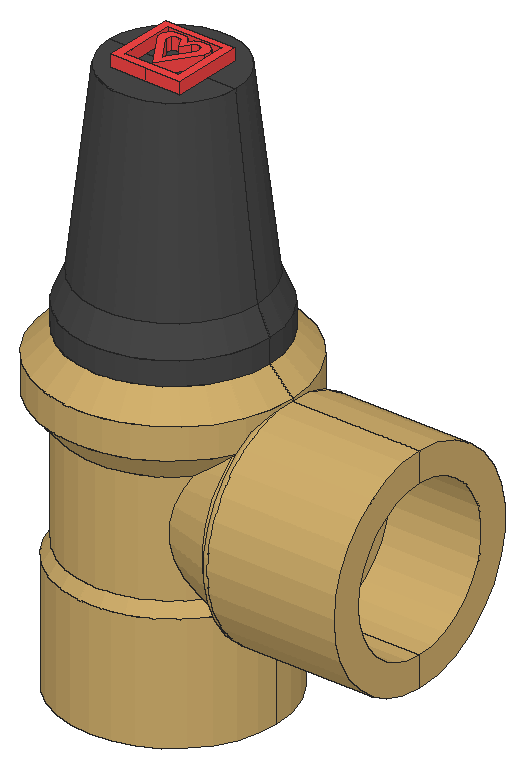
Revit family "Sicherheitsventil 26xx", category Rohrzubehör, Revit 2019
Family settings
  Bemaßung runder Anschluss = Durchmesser verwenden
  Teiletyp = Normal
  OmniClass-Nummer = 23.65.55.14
  OmniClass-Titel = Valves for Liquid Services
  Arbeitsebenenbasiert = Nein
  Immer vertikal = Ja
  Beim Laden mit Abzugskörper schneiden = Nein
  Gemeinsam genutzt = Nein
Parameters (values of type "PN8")
  min.Betriebstemp. = 0 °C  # constant formula
  max.Betriebstemp. = 110 °C  # constant formula
  interne Gewindeanschlüsse = "nach ISO 228-1"  # constant formula
  WS01 = 70.00°  # constant formula
  URL = "www.herz-armaturen.at"
  Typenschild = "Kunststoff PA6"  # constant formula
  SCRNSEQ = "AWI;AWI_TYP=\"1015\";2"
  SCRNCODE = "05;21;02"  # constant formula
  S03 = 10.5000 mm  # constant formula
  S02 [instance] = H02 + H05  # 47.5000 mm
  S01 = 8.0000 mm  # constant formula
  R11 = 1.0000 mm  # constant formula
  R10 [instance] = (Nennweite Aus / 2) + 3.8000 mm  # 13.8000 mm
  R09 [instance] = Nennweite Aus / 2  # 10.0000 mm
  R08 [instance] = (Nennweite / 2) + 3.5000 mm  # 11.0000 mm
  R07 [instance] = R08 - 2.8000 mm  # 8.2000 mm
  R06 [instance] = Nennweite / 2  # 7.5000 mm
  R05 [instance] = Nennweite / 2  # 7.5000 mm
  R04 [instance] = if(PN1.8, size_lookup("26XX_PN1.8", "SW", 40.0000 mm, Nennweite), if(PN2.5, size_lookup("26XX_PN2.5", "SW", 40.0000 mm, Nennweite), if(PN3, size_lookup("26XX_PN3", "SW", 40.0000 mm, Nennweite), if(PN4, size_lookup("26XX_PN4", "SW", 40.0000 mm, Nennweite), if(PN5, size_lookup("26XX_PN5", "SW", 40.0000 mm, Nennweite), if(PN6, size_lookup("26XX_PN6", "SW", 40.0000 mm, Nennweite), if(PN8, size_lookup("26XX_PN8", "SW", 40.0000 mm, Nennweite), size_lookup("26XX_PN10", "SW", 269501.0000 mm, Nennweite))))))))  # 13.5000 mm
  R03 [instance] = (Nennweite / 2) + 5.0000 mm  # 12.5000 mm
  R02 [instance] = R04 + 2.0000 mm  # 15.5000 mm
  PN8 = yes
  PN6 = no
  PN5 = no
  PN4 = no
  PN3 = no
  PN2.5 = no
  PN10 = no
  PN1.8 = no
  Nennweite Aus [instance] = if(PN1.8, size_lookup("26XX_PN1.8", "DN1", 40.0000 mm, Nennweite), if(PN2.5, size_lookup("26XX_PN2.5", "DN1", 40.0000 mm, Nennweite), if(PN3, size_lookup("26XX_PN3", "DN1", 40.0000 mm, Nennweite), if(PN4, size_lookup("26XX_PN4", "DN1", 40.0000 mm, Nennweite), if(PN5, size_lookup("26XX_PN5", "DN1", 40.0000 mm, Nennweite), if(PN6, size_lookup("26XX_PN6", "DN1", 40.0000 mm, Nennweite), if(PN8, size_lookup("26XX_PN8", "DN1", 40.0000 mm, Nennweite), size_lookup("26XX_PN10", "DN1", 269501.0000 mm, Nennweite))))))))  # 20.0000 mm
  Nennweite [instance] = 15.0000 mm
  Membran = "VMQ-Silicom 50 Sha"  # constant formula
  L02 [instance] = if(PN1.8, size_lookup("26XX_PN1.8", "L2", 17.5000 mm, Nennweite), if(PN2.5, size_lookup("26XX_PN2.5", "L2", 17.5000 mm, Nennweite), if(PN3, size_lookup("26XX_PN3", "L2", 17.5000 mm, Nennweite), if(PN4, size_lookup("26XX_PN4", "L2", 17.5000 mm, Nennweite), if(PN5, size_lookup("26XX_PN5", "L2", 17.5000 mm, Nennweite), if(PN6, size_lookup("26XX_PN6", "L2", 17.5000 mm, Nennweite), if(PN8, size_lookup("26XX_PN8", "L2", 17.5000 mm, Nennweite), size_lookup("26XX_PN10", "L2", 269501.0000 mm, Nennweite))))))))  # 17.5000 mm
  L01 [instance] = if(PN1.8, size_lookup("26XX_PN1.8", "L1", 12.0000 mm, Nennweite), if(PN2.5, size_lookup("26XX_PN2.5", "L1", 12.0000 mm, Nennweite), if(PN3, size_lookup("26XX_PN3", "L1", 12.0000 mm, Nennweite), if(PN4, size_lookup("26XX_PN4", "L1", 12.0000 mm, Nennweite), if(PN5, size_lookup("26XX_PN5", "L1", 12.0000 mm, Nennweite), if(PN6, size_lookup("26XX_PN6", "L1", 12.0000 mm, Nennweite), if(PN8, size_lookup("26XX_PN8", "L1", 12.0000 mm, Nennweite), size_lookup("26XX_PN10", "L1", 269501.0000 mm, Nennweite))))))))  # 12.0000 mm
  L00 [instance] = if(PN1.8, size_lookup("26XX_PN1.8", "L", 52.0000 mm, Nennweite), if(PN2.5, size_lookup("26XX_PN2.5", "L", 52.0000 mm, Nennweite), if(PN3, size_lookup("26XX_PN3", "L", 52.0000 mm, Nennweite), if(PN4, size_lookup("26XX_PN4", "L", 52.0000 mm, Nennweite), if(PN5, size_lookup("26XX_PN5", "L", 52.0000 mm, Nennweite), if(PN6, size_lookup("26XX_PN6", "L", 52.0000 mm, Nennweite), if(PN8, size_lookup("26XX_PN8", "L", 52.0000 mm, Nennweite), size_lookup("26XX_PN10", "L", 269501.0000 mm, Nennweite))))))))  # 32.0000 mm
  Kappe = "Kunststoff PA6"  # constant formula
  H08 [instance] = if(PN1.8, size_lookup("26XX_PN1.8", "H8", 21.0000 mm, Nennweite), if(PN2.5, size_lookup("26XX_PN2.5", "H8", 21.0000 mm, Nennweite), if(PN3, size_lookup("26XX_PN3", "H8", 21.0000 mm, Nennweite), if(PN4, size_lookup("26XX_PN4", "H8", 21.0000 mm, Nennweite), if(PN5, size_lookup("26XX_PN5", "H8", 21.0000 mm, Nennweite), if(PN6, size_lookup("26XX_PN6", "H8", 21.0000 mm, Nennweite), if(PN8, size_lookup("26XX_PN8", "H8", 21.0000 mm, Nennweite), size_lookup("26XX_PN10", "H8", 269501.0000 mm, Nennweite))))))))  # 6.5000 mm
  H07 [instance] = if(PN1.8, size_lookup("26XX_PN1.8", "H7", 3.0000 mm, Nennweite), if(PN2.5, size_lookup("26XX_PN2.5", "H7", 3.0000 mm, Nennweite), if(PN3, size_lookup("26XX_PN3", "H7", 3.0000 mm, Nennweite), if(PN4, size_lookup("26XX_PN4", "H7", 3.0000 mm, Nennweite), if(PN5, size_lookup("26XX_PN5", "H7", 3.0000 mm, Nennweite), if(PN6, size_lookup("26XX_PN6", "H7", 3.0000 mm, Nennweite), if(PN8, size_lookup("26XX_PN8", "H7", 3.0000 mm, Nennweite), size_lookup("26XX_PN10", "H7", 269501.0000 mm, Nennweite))))))))  # 3.0000 mm
  H06 [instance] = if(PN1.8, size_lookup("26XX_PN1.8", "H6", 15.0000 mm, Nennweite), if(PN2.5, size_lookup("26XX_PN2.5", "H6", 15.0000 mm, Nennweite), if(PN3, size_lookup("26XX_PN3", "H6", 15.0000 mm, Nennweite), if(PN4, size_lookup("26XX_PN4", "H6", 15.0000 mm, Nennweite), if(PN5, size_lookup("26XX_PN5", "H6", 15.0000 mm, Nennweite), if(PN6, size_lookup("26XX_PN6", "H6", 15.0000 mm, Nennweite), if(PN8, size_lookup("26XX_PN8", "H6", 15.0000 mm, Nennweite), size_lookup("26XX_PN10", "H6", 269501.0000 mm, Nennweite))))))))  # 15.0000 mm
  H05 [instance] = if(PN1.8, size_lookup("26XX_PN1.8", "H5", 30.0000 mm, Nennweite), if(PN2.5, size_lookup("26XX_PN2.5", "H5", 30.0000 mm, Nennweite), if(PN3, size_lookup("26XX_PN3", "H5", 30.0000 mm, Nennweite), if(PN4, size_lookup("26XX_PN4", "H5", 30.0000 mm, Nennweite), if(PN5, size_lookup("26XX_PN5", "H5", 30.0000 mm, Nennweite), if(PN6, size_lookup("26XX_PN6", "H5", 30.0000 mm, Nennweite), if(PN8, size_lookup("26XX_PN8", "H5", 30.0000 mm, Nennweite), size_lookup("26XX_PN10", "H5", 269501.0000 mm, Nennweite))))))))  # 30.5000 mm
  H04 [instance] = if(PN1.8, size_lookup("26XX_PN1.8", "H4", 12.0000 mm, Nennweite), if(PN2.5, size_lookup("26XX_PN2.5", "H4", 12.0000 mm, Nennweite), if(PN3, size_lookup("26XX_PN3", "H4", 12.0000 mm, Nennweite), if(PN4, size_lookup("26XX_PN4", "H4", 12.0000 mm, Nennweite), if(PN5, size_lookup("26XX_PN5", "H4", 12.0000 mm, Nennweite), if(PN6, size_lookup("26XX_PN6", "H4", 12.0000 mm, Nennweite), if(PN8, size_lookup("26XX_PN8", "H4", 12.0000 mm, Nennweite), size_lookup("26XX_PN10", "H4", 269501.0000 mm, Nennweite))))))))  # 12.0000 mm
  H00 [instance] = if(PN1.8, size_lookup("26XX_PN1.8", "H", 72.0000 mm, Nennweite), if(PN2.5, size_lookup("26XX_PN2.5", "H", 72.0000 mm, Nennweite), if(PN3, size_lookup("26XX_PN3", "H", 72.0000 mm, Nennweite), if(PN4, size_lookup("26XX_PN4", "H", 72.0000 mm, Nennweite), if(PN5, size_lookup("26XX_PN5", "H", 72.0000 mm, Nennweite), if(PN6, size_lookup("26XX_PN6", "H", 72.0000 mm, Nennweite), if(PN8, size_lookup("26XX_PN8", "H", 72.0000 mm, Nennweite), size_lookup("26XX_PN10", "H", 269501.0000 mm, Nennweite))))))))  # 72.0000 mm
  H03 [instance] = if(PN1.8, size_lookup("26XX_PN1.8", "H3", 4.0000 mm, Nennweite), if(PN2.5, size_lookup("26XX_PN2.5", "H3", 4.0000 mm, Nennweite), if(PN3, size_lookup("26XX_PN3", "H3", 4.0000 mm, Nennweite), if(PN4, size_lookup("26XX_PN4", "H3", 4.0000 mm, Nennweite), if(PN5, size_lookup("26XX_PN5", "H3", 4.0000 mm, Nennweite), if(PN6, size_lookup("26XX_PN6", "H3", 4.0000 mm, Nennweite), if(PN8, size_lookup("26XX_PN8", "H3", 4.0000 mm, Nennweite), size_lookup("26XX_PN10", "H3", 269501.0000 mm, Nennweite))))))))  # 4.0000 mm
  H02 [instance] = H00 - (H01 + H05)  # 17.0000 mm
  H01 [instance] = if(PN1.8, size_lookup("26XX_PN1.8", "H1", 30.0000 mm, Nennweite), if(PN2.5, size_lookup("26XX_PN2.5", "H1", 30.0000 mm, Nennweite), if(PN3, size_lookup("26XX_PN3", "H1", 30.0000 mm, Nennweite), if(PN4, size_lookup("26XX_PN4", "H1", 30.0000 mm, Nennweite), if(PN5, size_lookup("26XX_PN5", "H1", 30.0000 mm, Nennweite), if(PN6, size_lookup("26XX_PN6", "H1", 30.0000 mm, Nennweite), if(PN8, size_lookup("26XX_PN8", "H1", 30.0000 mm, Nennweite), size_lookup("26XX_PN10", "H1", 269501.0000 mm, Nennweite))))))))  # 24.5000 mm
  Hersteller = "Herz-Armaturen GmbH"  # constant formula
  Gewicht [instance] = if(PN1.8, size_lookup("26XX_PN1.8", "Gewicht", 0.19, Nennweite), if(PN2.5, size_lookup("26XX_PN2.5", "Gewicht", 0.19, Nennweite), if(PN3, size_lookup("26XX_PN3", "Gewicht", 0.19, Nennweite), if(PN4, size_lookup("26XX_PN4", "Gewicht", 0.19, Nennweite), if(PN5, size_lookup("26XX_PN5", "Gewicht", 0.19, Nennweite), if(PN6, size_lookup("26XX_PN6", "Gewicht", 0.19, Nennweite), if(PN8, size_lookup("26XX_PN8", "Gewicht", 0.19, Nennweite), size_lookup("26XX_PN10", "Gewicht", 269501, Nennweite))))))))  # 0.118
  Gehäuse = "geschmiedetes Messing nach EN 12165, CW 617N"  # constant formula
  Feder = "Federstahl W.Nr. 1.4310"  # constant formula
  DN32 [instance] = Nennweite = 32.0000 mm  # no
  DN25 [instance] = Nennweite = 25.0000 mm  # no
  DN20 [instance] = Nennweite = 20.0000 mm  # no
  DN15 [instance] = Nennweite = 15.0000 mm  # yes
  Bestellnummer [instance] = if(PN1.8, size_lookup("26XX_PN1.8", "Artnr", 0, Nennweite), if(PN2.5, size_lookup("26XX_PN2.5", "Artnr", 0, Nennweite), if(PN3, size_lookup("26XX_PN3", "Artnr", 0, Nennweite), if(PN4, size_lookup("26XX_PN4", "Artnr", 0, Nennweite), if(PN5, size_lookup("26XX_PN5", "Artnr", 0, Nennweite), if(PN6, size_lookup("26XX_PN6", "Artnr", 0, Nennweite), if(PN8, size_lookup("26XX_PN8", "Artnr", 0, Nennweite), size_lookup("26XX_PN10", "Artnr", 0, Nennweite))))))))  # 1268501
  Anwendungen = "HERZ Sicherheitsventil wird als Schutzelement an Zentralheizungskesseln und in geschlossenen Heizungsanlagen eingesetzt. Es schützt den Kessel und die Installation vor erhöhtem Druck. Der Öffnungsdruck ist gleich dem Nenndruck."
Types (9, lengths in mm): name | S02 | R10 | R09 | R08 | R07 | R06 | R05 | R04 | R03 | R02 | PN8 | PN6 | PN5 | PN4 | PN3 | PN2.5 | PN10 | PN1.8 | Nennweite Aus | Nennweite | L00 | H08 | H05 | H00 | H02 | H01 | Gewicht | DN32 | DN25 | DN20 | DN15 | Bestellnummer | Anwendungen
  (no name) | 47.5000 | 13.8000 | 10.0000 | 11.0000 | 8.2000 | 7.5000 | 7.5000 | 13.5000 | 12.5000 | 15.5000 | yes | no | no | no | no | no | no | no | 20.0000 | 15.0000 | 32.0000 | 6.5000 | 30.5000 | 72.0000 | 17.0000 | 24.5000 | 0.118 | no | no | no | yes | 1268501 | "HERZ Sicherheitsventil wird als Schutzelement an Zentralheizungskesseln und in geschlossenen Heizungsanlagen eingesetzt. Es schützt den Kessel und die Installation vor erhöhtem Druck. Der Öffnungsdruck ist gleich dem Nenndruck."
  PN1.8 | 44.7500 | 16.3000 | 12.5000 | 13.5000 | 10.7000 | 10.0000 | 10.0000 | 16.0000 | 15.0000 | 18.0000 | no | no | no | no | no | no | no | yes | 25.0000 | 20.0000 | 35.0000 | 9.7500 | 25.0000 | 72.0000 | 19.7500 | 27.2500 | 0.19 | no | no | yes | no | 1261802 | "HERZ Druckentlastungsventil wird als Schutzelement an Zentralheizungskesseln und in geschlossenen Heizungsanlagen eingesetzt. Es schützt den Kessel und die Installation vor erhöhtem Druck. Der Öffnungsdruck ist gleich dem Nenndruck."
  PN2.5 | 47.5000 | 13.8000 | 10.0000 | 11.0000 | 8.2000 | 7.5000 | 7.5000 | 13.5000 | 12.5000 | 15.5000 | no | no | no | no | no | yes | no | no | 20.0000 | 15.0000 | 32.0000 | 6.5000 | 30.5000 | 72.0000 | 17.0000 | 24.5000 | 0.118 | no | no | no | yes | 1261101 | "HERZ Druckentlastungsventil wird als Schutzelement an Zentralheizungskesseln und in geschlossenen Heizungsanlagen eingesetzt. Es schützt den Kessel und die Installation vor erhöhtem Druck. Der Öffnungsdruck ist gleich dem Nenndruck."
  PN3 | 64.2500 | 23.8000 | 20.0000 | 19.5000 | 16.7000 | 16.0000 | 16.0000 | 25.0000 | 21.0000 | 27.0000 | no | no | no | no | yes | no | no | no | 40.0000 | 32.0000 | 52.0000 | 21.5000 | 32.7500 | 97.0000 | 31.5000 | 32.7500 | 0.728 | yes | no | no | no | 1261004 | "HERZ Druckentlastungsventil wird als Schutzelement an Zentralheizungskesseln und in geschlossenen Heizungsanlagen eingesetzt. Es schützt den Kessel und die Installation vor erhöhtem Druck. Der Öffnungsdruck ist gleich dem Nenndruck."
  PN4 | 47.5000 | 13.8000 | 10.0000 | 11.0000 | 8.2000 | 7.5000 | 7.5000 | 13.5000 | 12.5000 | 15.5000 | no | no | no | yes | no | no | no | no | 20.0000 | 15.0000 | 32.0000 | 6.5000 | 30.5000 | 72.0000 | 17.0000 | 24.5000 | 0.118 | no | no | no | yes | 1261501 | "HERZ Druckentlastungsventil wird als Schutzelement an Zentralheizungskesseln und in geschlossenen Heizungsanlagen eingesetzt. Es schützt den Kessel und die Installation vor erhöhtem Druck. Der Öffnungsdruck ist gleich dem Nenndruck."
  PN5 | 67.0000 | 19.8000 | 16.0000 | 16.0000 | 13.2000 | 12.5000 | 12.5000 | 20.5000 | 17.5000 | 22.5000 | no | no | yes | no | no | no | no | no | 32.0000 | 25.0000 | 50.0000 | 13.0000 | 44.0000 | 97.0000 | 23.0000 | 30.0000 | 0.54 | no | yes | no | no | 1265703 | "HERZ Druckentlastungsventil wird als Schutzelement an Zentralheizungskesseln und in geschlossenen Heizungsanlagen eingesetzt. Es schützt den Kessel und die Installation vor erhöhtem Druck. Der Öffnungsdruck ist gleich dem Nenndruck."
  PN6 | 47.5000 | 13.8000 | 10.0000 | 11.0000 | 8.2000 | 7.5000 | 7.5000 | 13.5000 | 12.5000 | 15.5000 | no | yes | no | no | no | no | no | no | 20.0000 | 15.0000 | 32.0000 | 6.5000 | 30.5000 | 72.0000 | 17.0000 | 24.5000 | 0.118 | no | no | no | yes | 1261301 | "HERZ Druckentlastungsventil wird als Schutzelement an Zentralheizungskesseln und in geschlossenen Heizungsanlagen eingesetzt. Es schützt den Kessel und die Installation vor erhöhtem Druck. Der Öffnungsdruck ist gleich dem Nenndruck."
  PN8 | 47.5000 | 13.8000 | 10.0000 | 11.0000 | 8.2000 | 7.5000 | 7.5000 | 13.5000 | 12.5000 | 15.5000 | yes | no | no | no | no | no | no | no | 20.0000 | 15.0000 | 32.0000 | 6.5000 | 30.5000 | 72.0000 | 17.0000 | 24.5000 | 0.118 | no | no | no | yes | 1268501 | "HERZ Sicherheitsventil wird als Schutzelement an Zentralheizungskesseln und in geschlossenen Heizungsanlagen eingesetzt. Es schützt den Kessel und die Installation vor erhöhtem Druck. Der Öffnungsdruck ist gleich dem Nenndruck."
  PN10 | 47.5000 | 13.8000 | 10.0000 | 11.0000 | 8.2000 | 7.5000 | 7.5000 | 13.5000 | 12.5000 | 15.5000 | no | no | no | no | no | no | yes | no | 20.0000 | 15.0000 | 32.0000 | 6.5000 | 30.5000 | 72.0000 | 17.0000 | 24.5000 | 0.118 | no | no | no | yes | 1269501 | "HERZ Druckentlastungsventil wird als Schutzelement an Zentralheizungskesseln und in geschlossenen Heizungsanlagen eingesetzt. Es schützt den Kessel und die Installation vor erhöhtem Druck. Der Öffnungsdruck ist gleich dem Nenndruck."
Reference planes
  plane 1 "Mitte (Vorne/hinten)": y = 0
  plane 2: z = 0
  plane 3 "Mitte (Links/rechts)": x = 0
Forms (mm)
  Revolve 1, solid, material "Kunststoff schwarz", detail levels fine
    sketch origin (0, 0, 0) x (1, 0, 0) y (0, 0, 1)
      loop
        line (0, 47.5) -> (-8.2, 47.5) -> (-11, 23.493) -> (-12.5, 20) -> (-12.5, 17) -> (0, 17) -> (0, 47.5)
      axis (0, 47.5) -> (0, 17)
    angle from 0 to 360
  Revolve 2, solid, material "Messing", detail levels fine
    sketch origin (0, 0, 0) x (1, 0, 0) y (0, 0, 1)
      loop
        line (-15.5, 14) -> (-15.5, 10) -> (-12.5, 6.5) -> (-12.5, -7.886) -> (-13.5, -9.5) -> (-13.5, -24.5) -> (-7.5, -24.5) -> (-7.5, -12.5) -> (0, -12.5) -> (0, 17) -> (-12.5, 17) -> (-15.5, 14)
      axis (0, 17) -> (0, -24.5)
    angle from 0 to 360
  Revolve 3, solid, material "Messing", detail levels fine
    sketch origin (18.5, 0, 0) x (1, 0, 0) y (0, 0, 1)
      loop
        line (13.5, 10) -> (13.5, 13.8) -> (-3.06, 13.8)
        arc (-3.06, 13.8) -> (-3.634, 13.619) -> (-4, 13.142) r 1
        arc (-4, 13.142) -> (-4.293, 12.435) -> (-5, 12.142) r 1
        line (-5, 12.142) -> (-18.5, 7.5) -> (-18.5, 0) -> (1.5, 0) -> (1.5, 10) -> (13.5, 10)
      axis (-18.5, 0) -> (13.5, 0)
    angle from 0 to 360
Lines and regions (mm)
  model lines, detail levels coarse+medium
    curve 1: line (0.003, 0, -0.007) -> (0.003, 0, 47.5)
    curve 2: line (0.003, 0, -0.007) -> (-13.5, 0, -24.5)
    curve 3: line (-13.5, 0, -24.5) -> (13.5, 0, -24.5)
    curve 4: line (13.5, 0, -24.5) -> (0.003, 0, -0.007)
    curve 5: line (0.003, 0, -0.007) -> (32, 0, -13.8)
    curve 6: line (32, 0, -13.8) -> (32, 0, 13.8)
    curve 7: line (32, 0, 13.8) -> (0.003, 0, -0.007)
    curve 8: line (-10.5, 0, 48.643) -> (10.5, 0, 41)
    curve 9: line (-10.5, 0, 40.643) -> (10.5, 0, 33)
    curve 10: line (-10.5, 0, 32.643) -> (10.5, 0, 25)
    curve 11: line (-10.5, 0, 24.643) -> (10.5, 0, 17)
    curve 12: line (0, 0, 0) -> (32, 13.8, 0)
    curve 13: line (32, 13.8, 0) -> (32, -13.8, 0)
    curve 14: line (32, -13.8, 0) -> (0, 0, 0)
    curve 15: line (0, 0, 0) -> (-13.5, -24.5, 0)
    curve 16: line (-13.5, -24.5, 0) -> (13.5, -24.5, 0)
    curve 17: line (13.5, -24.5, 0) -> (0, 0, 0)
    curve 18: line (0, 0, 0) -> (0, 47.5, 0)
    curve 19: line (-10.5, 48.643, 0) -> (10.5, 41, 0)
    curve 20: line (-10.5, 40.643, 0) -> (10.5, 33, 0)
    curve 21: line (-10.5, 32.643, 0) -> (10.5, 25, 0)
    curve 22: line (-10.5, 24.643, 0) -> (10.5, 17, 0)
Dimensions and locks
  "R03": Revolve 2 sketch curve to Revolve 2 sketch curve  (x2)
  "R02": Revolve 2 sketch curve to Revolve 2 sketch curve
  "R04": Revolve 2 sketch curve to Revolve 2 sketch curve
  "R05": Revolve 2 sketch curve to Revolve 2 sketch curve
  "H01": level to Revolve 2 sketch curve
  "H02": Revolve 2 sketch curve to level
  "R03": Revolve 1 sketch curve to Revolve 1 sketch curve
  "R07": Revolve 1 sketch curve to Revolve 1 sketch curve
  "R08": Revolve 1 sketch curve to Revolve 1 sketch curve
  "R06": Revolve 3 sketch curve to Revolve 3 sketch curve
  "R09": Revolve 3 sketch curve to Revolve 3 sketch curve
  "R10": Revolve 3 sketch curve to Revolve 3 sketch curve
  "L00": Revolve 3 sketch curve to Revolve 3 sketch curve
  "H05": Revolve 1 sketch curve to Revolve 1 sketch curve
  "L01": Revolve 3 sketch curve to Revolve 3 sketch curve
  "H04": Revolve 2 sketch curve to Revolve 2 sketch curve
  "L02": Revolve 3 sketch curve to Revolve 3 sketch curve
  "H06": Revolve 2 sketch curve to Revolve 2 sketch curve
  "H02": Revolve 1 sketch curve to plane 2
  "H00": Revolve 1 to Revolve 2
  "H07": Revolve 2 sketch curve to Revolve 2 sketch curve
  "H07": Revolve 1 sketch curve to Revolve 1 sketch curve
  "H08": Revolve 2 sketch curve to plane 2
  "S02": curve 1 to plane 2
  "H01": plane 2 to curve 3
  "R04": curve 4 to plane 3 "Mitte (Links/rechts)" to curve 3
  "L00": curve 6 to plane 3 "Mitte (Links/rechts)"
  "R10": curve 7 to plane 2 to curve 6
  "S03": curve 8 to plane 3 "Mitte (Links/rechts)" to curve 8
  "S01": curve 8 to curve 9
  "S01": curve 9 to curve 10
  "S01": curve 10 to curve 11
  "H02": curve 11 to plane 2
  "L00": plane 3 "Mitte (Links/rechts)" to curve 13
  "R10": curve 14 to plane 1 "Mitte (Vorne/hinten)" to curve 13
  "H01": curve 16 to plane 1 "Mitte (Vorne/hinten)"
  "R04": curve 16 to plane 3 "Mitte (Links/rechts)" to curve 17
  "S02": plane 1 "Mitte (Vorne/hinten)" to curve 18
  "S03": curve 19 to plane 3 "Mitte (Links/rechts)" to curve 19
  "S01": curve 19 to curve 20
  "S01": curve 20 to curve 21
  "S01": curve 21 to curve 22
  "H02": plane 1 "Mitte (Vorne/hinten)" to curve 22
  "S02": nested 1 to plane 2
  "R11": radius of Revolve 3 sketch curve  (x2)
  "WS01": angle plane 3 "Mitte (Links/rechts)" to curve 8
  "WS01": angle plane 3 "Mitte (Links/rechts)" to curve 9
  "WS01": angle plane 3 "Mitte (Links/rechts)" to curve 10
  "WS01": angle plane 3 "Mitte (Links/rechts)" to curve 11
  "WS01": angle plane 3 "Mitte (Links/rechts)" to curve 19
  "WS01": angle plane 3 "Mitte (Links/rechts)" to curve 20
  "WS01": angle plane 3 "Mitte (Links/rechts)" to curve 21
  "WS01": angle plane 3 "Mitte (Links/rechts)" to curve 22
  aligned and locked: level to plane 2
Automatic sketch dimensions
  plane 3 "Mitte (Links/rechts)" to curve 4 = 0.0034 mm
  curve 4 to level = 0.0072 mm
  curve 11 to plane 3 "Mitte (Links/rechts)" = 10.5000 mm
  curve 10 to curve 11 = 0.0000 mm
  curve 9 to curve 10 = 0.0000 mm
  plane 1 "Mitte (Vorne/hinten)" to curve 14 = 0.0000 mm
  curve 14 to plane 3 "Mitte (Links/rechts)" = 0.0000 mm
  curve 20 to curve 19 = 0.0000 mm
  curve 21 to curve 20 = 0.0000 mm
  curve 22 to curve 21 = 0.0000 mm
  Revolve 1 sketch curve to plane 3 "Mitte (Links/rechts)" = 0.0000 mm  (x2)
  Revolve 1 sketch curve to Revolve 1 sketch curve = 3.4935 mm
  Revolve 1 sketch curve to level = 366.0447 mm
  Revolve 1 sketch curve to Revolve 1 sketch curve = 0.0000 mm
  Revolve 2 sketch curve to plane 3 "Mitte (Links/rechts)" = 0.0000 mm  (x2)
  Revolve 2 sketch curve to Revolve 2 sketch curve = 1.6143 mm
  Revolve 2 sketch curve to Revolve 2 sketch curve = 4.0000 mm
  Revolve 2 sketch curve to Revolve 2 sketch curve = 336.0447 mm
  Revolve 2 sketch curve to Revolve 2 sketch curve = 2186.6924 mm
  Revolve 3 sketch curve to level = 0.0000 mm  (x2)
  Revolve 3 sketch curve to plane 3 "Mitte (Links/rechts)" = 0.0000 mm
  Revolve 3 sketch curve to Revolve 3 sketch curve = 0.9397 mm
  Revolve 3 sketch curve to Revolve 3 sketch curve = 1333.4903 mm
  Revolve 3 sketch curve to Revolve 3 sketch curve = 1867.4827 mm
Nested families
  nested 1: "Herz-Logo" at (0, 0, 47.5), type "Herz-Logo"
Connectors
  piping at (20, 0, 0), diameter 20, driven by "Nennweite Aus"
    settings: on Revolve 3, index 1, connector inside diameter 609.6 mm, connector length 0.0000 mm, flow factor 0, pipe flow 0.0 L/s, pressure drop 0.0 Pa, fitting loss kfactor 0, connector angle 0.00°, fixture units 0, engagement length 0.0000 mm, angle of deflection 0.00°, flow configuration 0, flow direction 2, fitting loss method 0, system type 29, joint type 0, gender type 0, connector reference index -1, connector utility 0, adjustable connector no, is connector primary yes, connector description ""
  piping at (0, 0, -12.5), diameter 15, driven by "Nennweite"
    settings: on Revolve 2, index 2, connector inside diameter 609.6 mm, connector length 0.0000 mm, flow factor 0, pipe flow 0.0 L/s, pressure drop 0.0 Pa, fitting loss kfactor 0, connector angle 0.00°, fixture units 0, engagement length 0.0000 mm, angle of deflection 0.00°, flow configuration 0, flow direction 1, fitting loss method 0, system type 29, joint type 0, gender type 0, connector reference index -1, connector utility 0, adjustable connector no, is connector primary no, connector description ""
Definition of nested family "Herz-Logo"
  Reference planes
    plane 1 "Mitte (Vorne/hinten)": y = 0
    plane 2: z = 0
    plane 3 "Mitte (Links/rechts)": x = 0
  Forms (mm)
    Extrusion 1, solid
      sketch origin (0, 0, 0) x (1, 0, 0) y (0, 1, 0)
        loop
          line (-0.018, -4.517) -> (4.482, -4.517) -> (4.482, 4.483) -> (-4.518, 4.483) -> (-4.518, -4.517) -> (-0.018, -4.517)
        loop
          line (-0.05, -3.48) -> (3.482, -3.48) -> (3.482, 3.483) -> (-3.518, 3.483) -> (-3.518, -3.48) -> (-0.05, -3.48)
        loop
          arc (-0.018, 2.383) -> (-1.543, 3.287) -> (-3.067, 2.383) r 1.738
          arc (-3.067, 2.383) -> (-3.191, 1.899) -> (-3.067, 1.415) r 1.009
          line (-3.067, 1.415) -> (-0.018, -3.281) -> (3.032, 1.415)
          arc (3.032, 1.415) -> (3.156, 1.899) -> (3.032, 2.383) r 1.009
          arc (3.032, 2.383) -> (1.507, 3.287) -> (-0.018, 2.383) r 1.738
        loop
          arc (1.885, 1.272) -> (2.005, 1.675) -> (1.885, 2.079) r 0.74
          arc (1.885, 2.079) -> (1.265, 2.416) -> (0.644, 2.079) r 0.74
          line (0.644, 2.079) -> (-0.018, 0.97) -> (-0.679, 2.079)
          arc (-0.679, 2.079) -> (-1.3, 2.416) -> (-1.921, 2.079) r 0.74
          arc (-1.921, 2.079) -> (-2.04, 1.675) -> (-1.921, 1.272) r 0.74
          line (-1.921, 1.272) -> (-0.018, -1.658) -> (1.885, 1.272)
      from 0 to 1.5
  Dimensions and locks
    aligned and locked: level to plane 2
